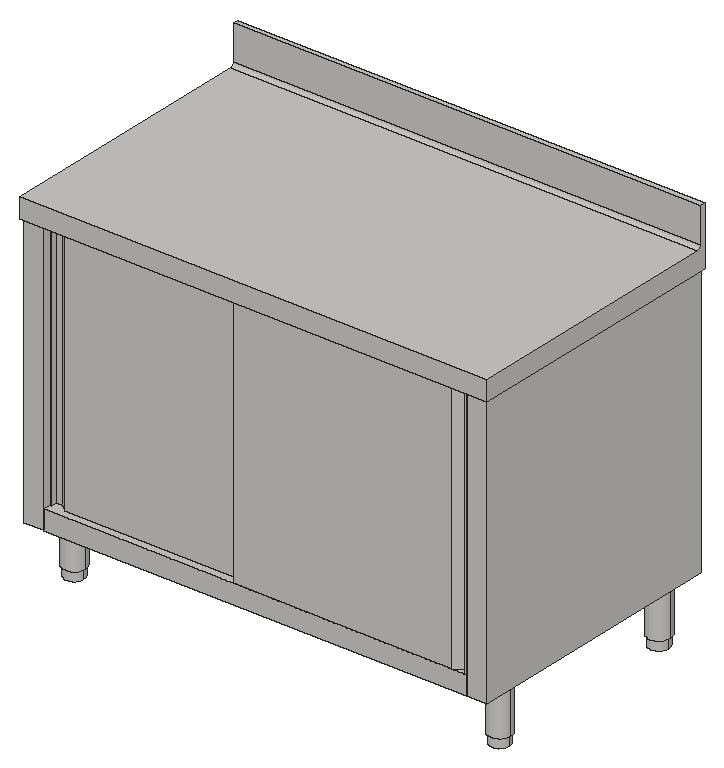
Revit family "QF_ZANUSSI_133080_TN1210EN", category Attrezzature speciali, Revit 2020
Family settings
  Quota connettore circolare = Usa diametro
  Tipo di parte = Normale
  Basato su piano di lavoro = No
  Sempre verticale = Sì
  Taglio con vuoti quando caricato = No
  Condiviso = No
  Punto di calcolo locali = No
Parameters (values of type "Standard")
  Weight = 55.00 kg
  Watts = 0 W
  Volts = 0 V
  URL Manufacturer = "http://www.zanussiprofessional.com"
  URL = "http://www.zanussiprofessional.com"
  Steam Supply Size = 0 mm
  Steam Supply Minimum Pressure = 0.0 Pa
  Steam Supply Maximum Pressure = 0.0 Pa
  Steam Consumption per Hour = 0
  Refrigeration Suction Line Size = 0.0 mm
  Refrigeration Liquid Line Size = 0.0 mm
  Refrigerant Compressor Remote = yes
  Prospetto di default = 0.0 mm
  Produttore = "Zanussi"
  Phase = 0
  Modello = "TN1210EN"
  Length Actual = 1200.0 mm  # constant formula
  Item Number = "133080"
  Hot Water Size = 0 mm
  Height Actual = 1000.0 mm  # constant formula
  HP = "0 HP"
  Gas Size = 0 mm
  Gas KW = 0
  Gas Input Pressure = 0 W
  Direct Waste Size = 0 mm
  Descrizione = "WORKTOP CUPBOARD WITH UPSTAND 1200 MM"
  Depth Actual = 700.0 mm  # constant formula
  Cycle = 0 Hz
  Condensate Return Size = 0 mm
  Compressed Air Volume = 0.0 L/s
  Compressed Air Size = 0 mm
  Compressed Air Pressure = 0.0 Pa
  Cold Water Size = 0 mm
  Accessory = yes
Reference planes
  plane 1 "Center (Front/Back)": y = 0
  plane 2: z = 0
  plane 3 "Center (Left/Right)": x = -100
  plane 4 "LEFT": x = -700
  plane 5 "RIGHT": x = 500
  plane 6 "BACK": y = 350
  plane 7 "FRONT": y = -350
  plane 8 "Base": z = 850
  plane 9 "TOP": z = 900
  plane 10: x = -646.9
  plane 11: x = 446.9
  plane 12: y = 270
  plane 13: y = -241.9
  plane 14 "BodyLeft": x = -694.5
  plane 15 "BodyFront": y = -344.5
  plane 16 "BodyRight": x = 494.5
  plane 17 "BodyBack": y = 344.5
  plane 18 "FEET": z = 150
  plane 19: x = -44.5
  plane 20: x = -155.5
Forms (mm)
  Extrusion 1, solid, material "QF_Finishes_Stainless Steel"
    sketch origin (-100, 0, 0) x (0, 1, 0) y (0, 0, 1)
      loop
        line (-350, 850) -> (350, 850) -> (350, 1000) -> (337, 1000) -> (337, 910)
        arc (337, 910) -> (334.071, 902.929) -> (327, 900) r 10
        line (327, 900) -> (-350, 900) -> (-350, 850)
    from 600 to -600
  Extrusion 2, solid, material "QF_Finishes_Stainless Steel"
    sketch origin (0, 0, 150) x (-1, 0, 0) y (0, -1, 0)
      loop
        line (694.5, -344.5) -> (694.5, 344.5) -> (644.5, 344.5) -> (644.5, -344.5) -> (694.5, -344.5)
      loop
        line (-444.5, -344.5) -> (-444.5, 344.5) -> (-494.5, 344.5) -> (-494.5, -344.5) -> (-444.5, -344.5)
    from 0 to 700
  Extrusion 3, solid, material "QF_Finishes_Stainless Steel"
    sketch origin (0, 0, 150) x (-1, 0, 0) y (0, -1, 0)
      loop
        line (643.585, -344.5) -> (643.585, 344.5) -> (-444.5, 344.5) -> (-444.5, -344.5) -> (643.585, -344.5)
    from 0 to 50
  Extrusion 4, solid, material "QF_Finishes_Stainless Steel"
    sketch origin (0, 0, 150) x (-1, 0, 0) y (0, -1, 0)
      loop
        line (643.585, -344.5) -> (643.585, -294.5) -> (-444.5, -294.5) -> (-444.5, -344.5) -> (643.585, -344.5)
    from 50 to 700
  Extrusion 5, solid, material "QF_Finishes_Stainless Steel"
    sketch origin (0, 0, 150) x (-1, 0, 0) y (0, -1, 0)
      loop
        line (-444.5, 344.5) -> (-444.5, 324.5) -> (155.5, 324.5) -> (155.5, 344.5) -> (-404.5, 344.5) -> (-424.5, 329.5) -> (-439.5, 329.5) -> (-439.5, 344.5) -> (-444.5, 344.5)
    from 50 to 700
  Extrusion 6, solid, material "QF_Finishes_Stainless Steel"
    sketch origin (0, 20, 150) x (1, 0, 0) y (0, 1, 0)
      loop
        line (-644.5, -344.5) -> (-639.5, -344.5) -> (-639.5, -329.5) -> (-624.5, -329.5) -> (-604.5, -344.5) -> (-44.5, -344.5) -> (-44.5, -324.5) -> (-644.5, -324.5) -> (-644.5, -344.5)
    from 50 to 700
Lines and regions (mm)
  symbolic lines
    curve 1: line (500, 350, 900) -> (-700, 350, 900)
    curve 2: line (-700, 350, 900) -> (-700, -350, 900)
    curve 3: line (-700, -350, 900) -> (500, -350, 900)
    curve 4: line (500, -350, 900) -> (500, 350, 900)
    curve 5: line (-700, 337, 900) -> (500, 337, 900)
  symbolic lines, style "SpecialityEquipmentHiddenLines"
    curve 6: line (-694.5, -344.5, 150) -> (-694.5, 344.5, 150)
    curve 7: line (-694.5, 344.5, 150) -> (494.5, 344.5, 150)
    curve 8: line (494.5, 344.5, 150) -> (494.5, -344.5, 150)
    curve 9: line (494.5, -344.5, 150) -> (-694.5, -344.5, 150)
    curve 10: line (-644.5, -304.5, 150) -> (-44.5, -304.5, 150)
    curve 11: line (-44.5, -304.5, 150) -> (-44.5, -324.5, 150)
    curve 12: line (444.5, -324.5, 150) -> (-644.5, -324.5, 150)
    curve 13: line (-644.5, -324.5, 150) -> (-644.5, -304.5, 150)
    curve 14: line (-155.5, -344.5, 150) -> (-155.5, -324.5, 150)
Dimensions and locks
  plane 4 "LEFT" to plane 5 "RIGHT" = 1200.0 mm
  equal spacing: plane 4 "LEFT", plane 3 "Center (Left/Right)", plane 5 "RIGHT"
  locked: plane 8 "Base" to level at 850
  locked: Extrusion 1 to level at 1000
  plane 9 "TOP" to level = 900.0 mm
  plane 6 "BACK" to plane 7 "FRONT" = 700.0 mm
  equal spacing: plane 6 "BACK", plane 1 "Center (Front/Back)", plane 7 "FRONT"
  locked: plane 4 "LEFT" to plane 14 "BodyLeft" at 5.5
  locked: plane 16 "BodyRight" to plane 5 "RIGHT" at 5.5
  locked: plane 15 "BodyFront" to plane 7 "FRONT" at 5.5
  locked: plane 6 "BACK" to plane 17 "BodyBack" at 5.5
  locked: plane 14 "BodyLeft" to plane 10 at 47.6
  locked: plane 11 to plane 16 "BodyRight" at 47.6
  locked: plane 13 to plane 15 "BodyFront" at 102.6
  locked: plane 17 "BodyBack" to plane 12 at 74.5
  plane 10 to plane 11 = 1093.8 mm
  plane 12 to plane 13 = 511.9 mm
  locked: plane 18 "FEET" to level at 150
  locked: plane 14 "BodyLeft" to Extrusion 2 sketch curve at 50
  locked: Extrusion 2 sketch curve to Extrusion 2 sketch curve at 50
  Extrusion 3 to Extrusion 4 sketch curve = 50.0 mm
  Extrusion 2 to plane 19 = 600.0 mm
  plane 20 to Extrusion 2 = 600.0 mm
  aligned and locked: level to plane 2
  aligned and locked: plane 10 to nested 1
  aligned and locked: nested 1 to plane 13
  aligned and locked: plane 11 to nested 2
  aligned and locked: nested 2 to plane 13
  aligned and locked: plane 11 to nested 4
  aligned and locked: nested 4 to plane 12
  aligned and locked: plane 10 to nested 3
  aligned and locked: nested 3 to plane 12
  aligned and locked: Extrusion 1 to plane 4 "LEFT"
  aligned and locked: plane 5 "RIGHT" to Extrusion 1
  aligned and locked: curve 2 to plane 4 "LEFT"
  aligned and locked: plane 17 "BodyBack" to Extrusion 2 sketch curve
  aligned and locked: Extrusion 2 sketch curve to plane 15 "BodyFront"
  aligned and locked: Extrusion 2 sketch curve to plane 14 "BodyLeft"
  aligned and locked: plane 16 "BodyRight" to Extrusion 2 sketch curve
  aligned and locked: Extrusion 2 sketch curve to plane 17 "BodyBack"
  aligned and locked: plane 15 "BodyFront" to Extrusion 2 sketch curve
  aligned and locked: Extrusion 3 sketch curve to plane 17 "BodyBack"
  aligned and locked: plane 15 "BodyFront" to Extrusion 3 sketch curve
  aligned and locked: plane 8 "Base" to Extrusion 2
  aligned and locked: plane 8 "Base" to Extrusion 5
  aligned and locked: Extrusion 5 to Extrusion 3
  aligned and locked: Extrusion 6 sketch curve to plane 19
  aligned and locked: Extrusion 5 sketch curve to plane 20
  aligned and locked: curve 7 to plane 17 "BodyBack"
  aligned and locked: Extrusion 2 to plane 14 "BodyLeft"
  aligned and locked: plane 16 "BodyRight" to curve 8
  aligned and locked: plane 15 "BodyFront" to curve 9
Automatic sketch dimensions
  curve 3 to plane 7 "FRONT" = 0.0 mm
  curve 5 to plane 5 "RIGHT" = 0.0 mm
  curve 4 to plane 6 "BACK" = 0.0 mm
  curve 5 to plane 17 "BodyBack" = 7.5 mm
  Extrusion 1 sketch curve to plane 7 "FRONT" = 0.0 mm
  Extrusion 1 sketch curve to plane 9 "TOP" = 0.0 mm
  Extrusion 1 sketch curve to plane 6 "BACK" = 0.0 mm
  Extrusion 1 sketch curve to plane 8 "Base" = 0.0 mm
  Extrusion 1 sketch curve to plane 17 "BodyBack" = 17.5 mm
  Extrusion 1 sketch curve to plane 17 "BodyBack" = 7.5 mm
  Extrusion 1 sketch curve to Extrusion 1 sketch curve = 90.0 mm
  Extrusion 5 sketch curve to plane 15 "BodyFront" = 0.0 mm  (x2)
  Extrusion 5 sketch curve to plane 11 = 2.4 mm
  Extrusion 5 sketch curve to Extrusion 5 sketch curve = 5.0 mm
  Extrusion 5 sketch curve to Extrusion 5 sketch curve = 15.0 mm
  Extrusion 5 sketch curve to Extrusion 5 sketch curve = 20.0 mm
  plane 15 "BodyFront" to Extrusion 5 sketch curve = 15.0 mm
  plane 15 "BodyFront" to Extrusion 5 sketch curve = 20.0 mm
  Extrusion 6 sketch curve to plane 15 "BodyFront" = 20.0 mm  (x2)
  Extrusion 6 sketch curve to plane 10 = 2.4 mm
  Extrusion 6 sketch curve to Extrusion 6 sketch curve = 5.0 mm
  Extrusion 6 sketch curve to Extrusion 6 sketch curve = 15.0 mm
  Extrusion 6 sketch curve to Extrusion 6 sketch curve = 20.0 mm  (x2)
  Extrusion 6 sketch curve to plane 15 "BodyFront" = 35.0 mm
  Extrusion 3 sketch curve to plane 11 = 2.4 mm
  plane 10 to Extrusion 3 sketch curve = 3.315 mm
  Extrusion 4 sketch curve to plane 11 = 2.4 mm
  plane 10 to Extrusion 4 sketch curve = 3.315 mm
  curve 10 to plane 19 = 0.0 mm
  curve 14 to plane 20 = 0.0 mm
  curve 7 to plane 14 "BodyLeft" = 0.0 mm
  plane 10 to curve 13 = 2.4 mm
  curve 10 to curve 13 = 20.0 mm
  curve 12 to plane 11 = 2.4 mm
  plane 15 "BodyFront" to curve 14 = 20.0 mm
Nested families
  nested 1: "FEET_D58-150" at (-646.9, -241.9, 0), type "FEET_D58-150"
  nested 2: "FEET_D58-150" at (446.9, -241.9, 0), type "FEET_D58-150"
  nested 3: "FEET_D58-150" at (-646.9, 270, 0), type "FEET_D58-150"
  nested 4: "FEET_D58-150" at (446.9, 270, 0), type "FEET_D58-150"
Definition of nested family "FEET_D58-150"
  Parameters
    Default Elevation = 0.0 mm
    FEET = 150.0 mm
  Reference planes
    plane 1 "Center (Front/Back)": y = 0
    plane 2: z = 0
    plane 3 "Center (Left/Right)": x = 0
    plane 4: z = 150
  Forms (mm)
    Extrusion 1, solid
      sketch origin (0, 0, 0) x (1, 0, 0) y (0, 1, 0)
        loop
          circle (0, 0) r 25
      from 0 to 25
    Extrusion 2, solid
      sketch origin (0, 0, 0) x (1, 0, 0) y (0, 1, 0)
        loop
          circle (0.061, 0) r 29
      from 25 to 150 <- "FEET"
  Lines and regions (mm)
    symbolic lines
      curve 1: line (0, -1.503, 0) -> (0, 1.508, 0)
      curve 2: line (1.561, 0, 0) -> (-1.439, 0, 0)
  Dimensions and locks
    "FEET": plane 4 to plane 2
    aligned and locked: level to plane 2
  Automatic sketch dimensions
    plane 1 "Center (Front/Back)" to Extrusion 1 sketch curve = 0.0 mm
    Extrusion 1 sketch curve to plane 3 "Center (Left/Right)" = 0.0 mm
    plane 1 "Center (Front/Back)" to curve 2 = 0.0 mm
    curve 1 to plane 3 "Center (Left/Right)" = 0.0 mm
    curve 2 to plane 3 "Center (Left/Right)" = 1.439 mm
    plane 3 "Center (Left/Right)" to curve 2 = 1.561 mm
    plane 1 "Center (Front/Back)" to curve 1 = 1.503 mm
    curve 1 to plane 1 "Center (Front/Back)" = 1.508 mm
    plane 1 "Center (Front/Back)" to Extrusion 2 sketch curve = 0.0 mm
    plane 3 "Center (Left/Right)" to Extrusion 2 sketch curve = 0.061 mm
    radius of Extrusion 1 sketch curve = 25.0 mm
    radius of Extrusion 2 sketch curve = 29.0 mm
